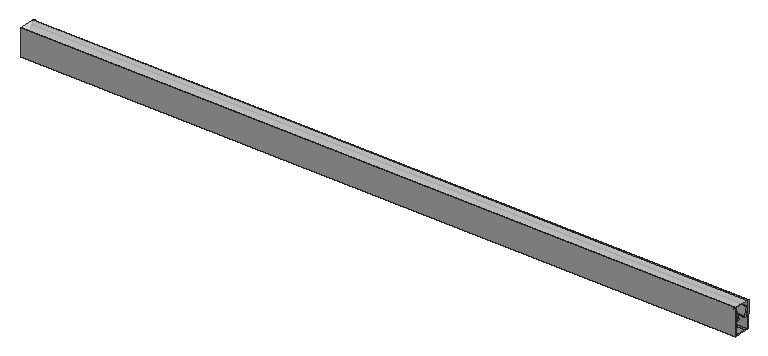
Revit family "2093123 Sylvania Lighting Fixture MC2 2-4M 3K DALI WHT OPAL Recessed", category Lighting Fixtures, host Face, Revit 2016
Family settings
  Host = Face
  Part Type = Normal
  Round Connector Dimension = Use Diameter
  OmniClass Number = 23.80.70.11.17
  OmniClass Title = Specialized Lighting by Location or Use
  Cut with Voids When Loaded = No
  Light Source = Yes
  Shared = No
  Room Calculation Point = No
Parameters (values of type "2093123 MC2 2.4M 3K DALI WHT OPAL Recessed")
  Width_SYL = 54.0 mm
  Weight = "5.0 kg"
  Wattage = 42 W
  WarrantyStartDate [instance] = "n/a"
  WarrantyGuarantorParts = "n/a"
  WarrantyDurationUnit = "n/a"
  WarrantyDurationParts = "n/a"
  WarrantyDescription = "n/a"
  built-in parameter 1150110 = 1 (stored number, unit not read)
  Voltage = 0 V
  VoidLengthRight_SYL [instance] = if(EndCapRight_SYL, Length_SYL / 2 + 2.0 mm, Length_SYL / 2)  # 1200.0 mm
  VoidLengthLeft_SYL [instance] = if(EndCapLeft_SYL, Length_SYL / 2 + 2.0 mm, Length_SYL / 2)  # 1200.0 mm
  URL = "http://www.sylvania-lighting.com"
  TypeName = "MC2 2.4M 3K DALI WHT OPAL Recessed"
  built-in parameter 1114217 = 1 (stored number, unit not read)
  Tilt Angle = -90.00°
  built-in parameter 1150109 = 1 (stored number, unit not read)
  built-in parameter 1150134 = (empty or 0)
  built-in parameter 1150113 = 1 (stored number, unit not read)
  SerialNumber [instance] = "n/a"
  PowerFactor = 0.98
  PowerConsumption = "42 W"
  NominalWidth = 0.0 mm
  NominalLength = 2400.0 mm
  NominalHeight = 86.0 mm
  Name = "MC2 2.4M 3K DALI WHT OPAL Recessed"
  ModelReference = "MC2 2.4M 3K DALI WHT OPAL Recessed"
  ModelNumber = "2093123"
  Material_3_SYL = Metal_Sylvania_Mini Contiuum II_Silver
  Photometric Web File = "2093123.ies"
  Material_4_SYL = Metal_Sylvania_Mini Contiuum II_Silver
  Material = "aluminium housing, polycarbonate diffuser"
  ManufacturerName = "Feilo Sylvania"
  LuminousEfficacy = "105 lm/W"
  LuminaireType = ""
  LightOutputRatio = "100"
  Length_SYL = 2400.0 mm
  LampsType = Lamp  # "LED"
  LampNominalLuminous = "4414 lm"
  LampMacAdamStep = "3"
  LampColourTemperature = "3000 K"
  LampColourRenderingIndex = "80"
  Keynote = "16500"
  InstallationDate [instance] = "n/a"
  InputVoltage = "n/a"
  InputNominalFrequency = "n/a"
  IngressProtection = "IP20"
  ImpactProtectionIndex = "n/a"
  IfcExportType = "IfcLightFixtureType"
  IfcExportAs = "IfcLightFixtureType"
  Height_SYL = 86.0 mm
  ExpectedLife = 50000
  EndCapRight_SYL [instance] = no
  EndCapLeft_SYL [instance] = no
  Emit from Rectangle Width = Width_SYL - 2.0 mm  # 52.0 mm
  Emit from Rectangle Length = Length_SYL  # 2400.0 mm
  Emit Shape Visible in Rendering = no
  ElectricShockClassification = "Class I"
  DurationUnit = "hours"
  DocumentationLiterature = "http://www.sylvania-lighting.com/product/en-int/products/2093123"
  DimmingControlOptions = "n/a"
  CreatedOn = "10/15/2018"
  CreatedBy = "@sylvania-lighting.com"
  built-in parameter 1114216 [instance] = 1 (stored number, unit not read)
  Model = "MC2 2.4M 3K DALI WHT OPAL Recessed"
  Manufacturer = "Feilo Sylvania"
  built-in parameter 1150105 = 350.94 (stored number, unit not read)
  Lumens = 4410 lm
  built-in parameter 1150115 = 1 (stored number, unit not read)
  built-in parameter 1150137 = (empty or 0)
  built-in parameter 1150139 = (empty or 0)
  built-in parameter 1150112 = 1 (stored number, unit not read)
  built-in parameter 1150114 = 1 (stored number, unit not read)
  Lamp = "LED"
  built-in parameter 1150132 = 2
  built-in parameter 1150102 = (empty or 0)
  built-in parameter 1150107 = 3000 (stored number, unit not read)
  built-in parameter 1150138 = (empty or 0)
  built-in parameter 1150106 = 3.5094 (stored number, unit not read)
  Material_1_SYL = Metal_Sylvania_Mini Continuum II_White
  built-in parameter 1150104 = 9.7548 (stored number, unit not read)
  Dimming Lamp Color Temperature Shift = <None>
  Material_2_SYL = Polycarbonate_Sylvania_Mini Continuum II_Opal_4000K
  Description = "2093123   MC2 2.4M 3K DALI WHT OPAL  Continuous lines of LED light, white RAL 9016, direct distribution, trimless detail for a seamless finish, suitable for recessed, semi-recessed, surface-mounted or suspended installation either horizontally or vertically, various accessories available, compact and minimalist design based on the Golden Mean, ideal for offices, meeting rooms, corridors, education facilities, museums and libraries, extruded aluminium body, diffuser: opal, colour temperature: 3000K warm white, total system power: 42W, total fixture output: 4414lm, luminaire efficacy: 105lm/W, LOR: 100%, colour rendering: Ra >80, LED Chromacity: 1 step MacAdam ellipse, lifetime: 60,000 hours at 90% of the original output (L90), energy class: A++, A+, A, IR/UV free light source without heat radiation, operating voltage: 220-240V / 50-60Hz, drive current: 800mA, electronic driver, DALI dimmable, electrical protection: CLASS I, IP20, suitable for internal environment only."
  Default Elevation = 0.0 mm
  Color Filter = 16777215
  built-in parameter 1140040 [instance] = 1
  BarCode [instance] = "n/a"
  built-in parameter 1114218 = 1 (stored number, unit not read)
  built-in parameter 1150133 = 10 (stored number, unit not read)
  AssetType = "Fixed"
  AssetIdentifier [instance] = "n/a"
  Assembly Code = "D5020200"
  Apparent Load = 42 VA
Reference planes
  plane 1 "Center (Front/Back)": y = 0
  plane 2 "Bottom Fixtures": z = 0
  plane 3 "Center (Left/Right)": x = 0
  plane 4 "Fixture Left": x = -1200
  plane 5 "Fixture Right": x = 1200
  plane 6 "Fixture Bottom": z = 0
  plane 7: z = -2
  plane 8: z = -4
  plane 9: z = -13.049
  plane 10: z = -43.049
  plane 11 "Fixture Top": z = -86
  plane 12 "Mounting Right": x = 1172
  plane 13 "Mounting Left": x = -1172
  plane 14: z = -121
  plane 15: y = 27
  plane 16: y = -27
  plane 17: y = -26
  plane 18: y = -25
  plane 19: y = 26
  plane 20: y = 25
  plane 21: y = 11
  plane 22: y = -11
  plane 23: y = 24
  plane 24: y = 22
  plane 25: y = -22
  plane 26: y = 15
  plane 27: y = -15
  plane 28 "Upper Diffuser Left": x = -1050
  plane 29 "Upper Diffuser Right": x = 1050
  plane 30: x = -1202
  plane 31: x = 1202
  plane 32: x = -1200
  plane 33: x = 1200
Forms (mm)
  Extrusion 1, solid, material "Metal_Sylvania_Mini Continuum II_White" <- "Material_1_SYL", detail levels fine
    sketch origin (0, 0, 520) x (0, 1, 0) y (0, 0, 1)
      loop
        line (27, -520) -> (26, -520) -> (26, -522) -> (25, -522) -> (25, -604) -> (13, -604) -> (13, -602) -> (-13, -602) -> (-13, -604) -> (-25, -604) -> (-25, -522) -> (-26, -522) -> (-26, -520) -> (-27, -520) -> (-27, -606) -> (-11, -606) -> (-11, -604) -> (11, -604) -> (11, -606) -> (27, -606) -> (27, -520)
    from -1200 to 1200
  Extrusion 2, solid, material "Polycarbonate_Sylvania_Mini Continuum II_Opal_4000K" <- "Material_2_SYL", detail levels fine
    sketch origin (0, 0, 520) x (0, 1, 0) y (0, 0, 1)
      loop
        line (-26, -520) -> (-26, -522) -> (26, -522) -> (26, -520) -> (-26, -520)
    from -1200 to 1200
  Extrusion 3, solid, material "Metal_Sylvania_Mini Contiuum II_Silver" <- "Material_3_SYL", detail levels fine
    sketch origin (0, 0, 520) x (0, 1, 0) y (0, 0, 1)
      loop
        line (22, -533.049) -> (20.973, -533.049) -> (14.206, -562.049) -> (11, -562.049) -> (11, -563.049) -> (15, -563.049) -> (22, -533.049)
      loop
        line (-15, -563.049) -> (-11, -563.049) -> (-11, -562.049) -> (-14.206, -562.049) -> (-20.973, -533.049) -> (-22, -533.049) -> (-15, -563.049)
    from -1200 to 1200
  Extrusion 4, solid, material "Metal_Sylvania_Mini Continuum II_White" <- "Material_1_SYL", detail levels coarse+medium
    sketch origin (0, 0, 520) x (0, 1, 0) y (0, 0, 1)
      loop
        line (-27, -520) -> (-27, -606) -> (27, -606) -> (27, -520) -> (-27, -520)
    from -1200 to 1200
  Extrusion 5, solid, material "Metal_Sylvania_Mini Continuum II_White" <- "Material_1_SYL", visible <- "EndCapLeft_SYL"
    sketch origin (-1200, 171.684, 1219.2) x (0, 1, 0) y (0, 0, 1)
      loop
        line (-198.684, -1305.2) -> (-144.684, -1305.2) -> (-144.684, -1219.2) -> (-198.684, -1219.2) -> (-198.684, -1305.2)
    from 0 to -2
  Extrusion 6, solid, material "Metal_Sylvania_Mini Continuum II_White" <- "Material_1_SYL", visible <- "EndCapRight_SYL"
    sketch origin (1200, 171.684, 1219.2) x (0, 1, 0) y (0, 0, -1)
      loop
        line (-144.684, 1219.2) -> (-144.684, 1305.2) -> (-198.684, 1305.2) -> (-198.684, 1219.2) -> (-144.684, 1219.2)
    from 0 to -2
  Extrusion 7, void
    sketch origin (0, 0, 0) x (1, 0, 0) y (0, 1, 0)
      loop
        line (-1200, 27) -> (-1200, -27) -> (1200, -27) -> (1200, 27) -> (-1200, 27)
    from 0 to -86
Lines and regions (mm)
  Masking region 1
    outline origin (0, 0, -86) x (-1, 0, 0) y (0, -1, 0)
      loop
        line (1200, -27) -> (1200, 27) -> (-1200, 27) -> (-1200, -27) -> (1200, -27)
  symbolic lines, detail levels fine
    curve 1: line (-1200, 26, -86) -> (1200, 26, -86)
    curve 2: line (-1200, -26, -86) -> (1200, -26, -86)
Dimensions and locks
  host sketch curve to plane 3 "Center (Left/Right)" to host sketch curve = 820.0 mm, 775.047 mm
  equal spacing: plane 4 "Fixture Left", plane 3 "Center (Left/Right)", plane 5 "Fixture Right"
  "Length_SYL": plane 4 "Fixture Left" to plane 5 "Fixture Right"
  plane 6 "Fixture Bottom" to plane 7 to plane 8 to plane 9 to plane 10 = 2.0 mm locked, 2.0 mm locked, 9.049 mm locked, 30.0 mm locked
  locked: Extrusion 1 sketch curve to Extrusion 1 sketch curve at 2
  locked: Extrusion 1 sketch curve to plane 11 "Fixture Top" at 2
  "Height_SYL": plane 6 "Fixture Bottom" to plane 11 "Fixture Top"
  locked: plane 12 "Mounting Right" to plane 5 "Fixture Right" at 28
  locked: plane 4 "Fixture Left" to plane 13 "Mounting Left" at 28
  locked: plane 11 "Fixture Top" to plane 14 at 35
  plane 6 "Fixture Bottom" to plane 2 "Bottom Fixtures" = 0.0 mm
  equal spacing: plane 15, plane 1 "Center (Front/Back)", plane 16
  "Width_SYL": plane 15 to plane 16
  plane 22 to plane 27 to plane 25 to plane 18 to plane 17 to plane 16 = 4.0 mm locked, 7.0 mm locked, 3.0 mm locked, 1.0 mm locked, 1.0 mm locked
  plane 15 to plane 19 to plane 20 to plane 23 to plane 24 to plane 26 to plane 21 = 1.0 mm locked, 1.0 mm locked, 1.0 mm locked, 2.0 mm locked, 7.0 mm locked, 4.0 mm locked
  locked: plane 4 "Fixture Left" to plane 28 "Upper Diffuser Left" at 150
  locked: plane 29 "Upper Diffuser Right" to plane 5 "Fixture Right" at 150
  equal spacing: plane 30, plane 3 "Center (Left/Right)", plane 31
  locked: plane 30 to plane 4 "Fixture Left" at 2
  plane 3 "Center (Left/Right)" to plane 33 = 1200.0 mm
  "VoidLengthLeft_SYL": plane 32 to plane 3 "Center (Left/Right)"
  "VoidLengthRight_SYL": plane 3 "Center (Left/Right)" to plane 33
  aligned and locked: plane 2 "Bottom Fixtures" to host face
  aligned and locked: level to host face
  aligned and locked: plane 5 "Fixture Right" to curve 1
  aligned and locked: plane 4 "Fixture Left" to curve 1
  aligned and locked: plane 4 "Fixture Left" to curve 2
  aligned and locked: plane 5 "Fixture Right" to curve 2
  aligned and locked: Extrusion 1 sketch curve to plane 7
  aligned and locked: plane 6 "Fixture Bottom" to Extrusion 1 sketch curve  (x2)
  aligned and locked: plane 7 to Extrusion 1 sketch curve
  aligned and locked: Extrusion 1 to Extrusion 2 sketch curve
  aligned and locked: Extrusion 2 sketch curve to Extrusion 1  (x3)
  aligned and locked: Extrusion 3 sketch curve to plane 10
  aligned and locked: plane 9 to Extrusion 3 sketch curve
  aligned and locked: Extrusion 3 sketch curve to plane 9
  aligned and locked: Extrusion 4 sketch curve to plane 6 "Fixture Bottom"
  aligned and locked: Extrusion 4 to plane 4 "Fixture Left"
  aligned and locked: Extrusion 2 to plane 4 "Fixture Left"
  aligned and locked: Extrusion 3 to plane 4 "Fixture Left"
  aligned and locked: Extrusion 1 to plane 4 "Fixture Left"
  aligned and locked: Extrusion 4 to plane 5 "Fixture Right"
  aligned and locked: Extrusion 2 to plane 5 "Fixture Right"
  aligned and locked: Extrusion 3 to plane 5 "Fixture Right"
  aligned and locked: Extrusion 1 to plane 5 "Fixture Right"
  aligned and locked: plane 11 "Fixture Top" to Extrusion 4 sketch curve
  aligned and locked: Extrusion 1 sketch curve to plane 11 "Fixture Top"  (x2)
  aligned and locked: Extrusion 1 sketch curve to Extrusion 1 sketch curve
  aligned and locked: plane 6 "Fixture Bottom" to imposter light
  aligned and locked: plane 21 to Extrusion 3 sketch curve
  aligned and locked: plane 22 to Extrusion 3 sketch curve
  aligned and locked: Extrusion 5 sketch curve to Extrusion 4  (x4)
  aligned and locked: Extrusion 5 to plane 30
  aligned and locked: plane 4 "Fixture Left" to Extrusion 5
  aligned and locked: Extrusion 6 sketch curve to Extrusion 4  (x4)
  aligned and locked: plane 31 to Extrusion 6
  aligned and locked: plane 5 "Fixture Right" to Extrusion 6
  aligned and locked: Extrusion 7 sketch curve to Extrusion 5
  aligned and locked: Extrusion 7 sketch curve to Extrusion 6
  aligned and locked: level to Extrusion 7
  aligned and locked: plane 2 "Bottom Fixtures" to Extrusion 7
  aligned and locked: Extrusion 7 to plane 32
  aligned and locked: plane 33 to Extrusion 7
  aligned and locked: imposter light to plane 1 "Center (Front/Back)"
  aligned and locked: plane 3 "Center (Left/Right)" to imposter light
  aligned and locked: Extrusion 7 to Extrusion 1
Automatic sketch dimensions
  host sketch curve to host sketch curve = 1047.463 mm
  plane 19 to curve 1 = 0.0 mm
  curve 2 to plane 17 = 0.0 mm
  Masking region 1 sketch curve to plane 5 "Fixture Right" = 0.0 mm
  Masking region 1 sketch curve to plane 4 "Fixture Left" = 0.0 mm
  plane 15 to Masking region 1 sketch curve = 0.0 mm
  Masking region 1 sketch curve to plane 16 = 0.0 mm
  Extrusion 1 sketch curve to plane 16 = 0.0 mm
  Extrusion 1 sketch curve to plane 17 = 0.0 mm
  Extrusion 1 sketch curve to plane 18 = 0.0 mm
  Extrusion 1 sketch curve to plane 22 = 0.0 mm
  Extrusion 1 sketch curve to plane 21 = 0.0 mm
  Extrusion 1 sketch curve to plane 20 = 0.0 mm
  Extrusion 1 sketch curve to plane 19 = 0.0 mm
  Extrusion 1 sketch curve to plane 15 = 0.0 mm
  plane 11 "Fixture Top" to Extrusion 1 sketch curve = 2.0 mm
  Extrusion 1 sketch curve to plane 22 = 2.0 mm
  Extrusion 1 sketch curve to plane 21 = 2.0 mm
  Extrusion 3 sketch curve to plane 25 = 0.0 mm
  Extrusion 3 sketch curve to plane 27 = 0.0 mm
  Extrusion 3 sketch curve to plane 26 = 0.0 mm
  Extrusion 3 sketch curve to plane 24 = 0.0 mm
  plane 10 to Extrusion 3 sketch curve = 1.0 mm
  Extrusion 3 sketch curve to Extrusion 3 sketch curve = 1.027 mm
  plane 27 to Extrusion 3 sketch curve = 0.794 mm
  plane 26 to Extrusion 3 sketch curve = 0.794 mm
  plane 24 to Extrusion 3 sketch curve = 1.027 mm
  Extrusion 4 sketch curve to plane 16 = 0.0 mm
  Extrusion 4 sketch curve to plane 15 = 0.0 mm
  Extrusion 3 sketch curve to Extrusion 3 sketch curve = 0.0 mm
  Extrusion 3 sketch curve to plane 10 = 0.0 mm
  plane 30 to Extrusion 7 sketch curve = 2.0 mm
  Extrusion 7 sketch curve to plane 31 = 2.0 mm
Connectors
  electrical at (1200, 0, -51), driven by "Apparent Load"
    settings: on Extrusion 1, index 1, voltage 230 V, apparent load 0 VA, apparent load phase1 42 VA, apparent load phase2 0 VA, apparent load phase3 0 VA, power factor 1, load classification "Lighting", number of poles 1, system type 31, power factor state 1, is connector primary yes, connector utility no, sub classification motor no, connector description ""
